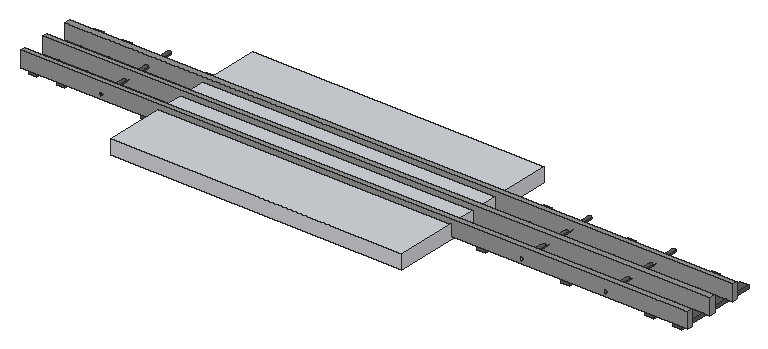
Revit family "1413-3, Veneer", category Generic Models, host Face, Revit 2020
Family settings
  Host = Face
  Can host rebar = No
  Round Connector Dimension = Use Diameter
  Part Type = Normal
  Cut with Voids When Loaded = No
  Shared = No
  Room Calculation Point = No
Parameters
  min_value [instance] = 2' - 4"  # constant formula
  max_value [instance] = 9' - 11 1/4"  # constant formula
  actual_value [instance] = if(NET LENGTH < min_value, min_value, if(NET LENGTH > max_value, max_value, NET LENGTH))  # 7' - 11 1/4"
  NET LENGTH [instance] = 7' - 11 1/4"
  IMPORTANT NOTE!!!                                                                             *Backer & dowel layout is for visualization purposes only, final layout to be determined by 9Wood. [instance] = ""
  Default Elevation = 4' - 0"
  DOWEL RADIUS [instance] = 0' - 0 1/4"  # constant formula
  BACKER & DOWEL MATERIAL [instance] = BLACK-BACKERS
  .. MEMBER WIDTH [instance] = 0' - 0 3/4"  # constant formula
  .. MEMBER MATERIAL [instance] = Veneer Cherry
  .. MEMBER DEPTH [instance] = 0' - 2 1/4"  # constant formula
  .. MEMBER COUNT [instance] = 3  # constant formula
Reference planes (in)
  plane 1 "Center (Front/Back)": y = 0
  plane 2: z = 0
  plane 3 "Center (Left/Right)": x = 0
Forms (in)
  Extrusion 1, solid
    sketch origin (0, 0, 0) x (1, 0, 0) y (0, 1, 0)
      loop
        line (-24.24823, 14.63962) -> (-24.24823, -10.69266) -> (17.36192, -10.69266) -> (17.36192, 14.63962) -> (-24.24823, 14.63962)
    from 0 to 2.0625
Dimensions and locks (in)
  aligned and locked: plane 2 to Extrusion 1
  aligned and locked: nested 1 to plane 2
Nested families (in)
  nested 1: "1400 series" at (-44.01308, -2.1224, -0.06061), NET LENGTH <- "actual_value", .. MEMBER DEPTH <- ".. MEMBER DEPTH", .. MEMBER WIDTH <- ".. MEMBER WIDTH", DOWEL RADIUS <- "DOWEL RADIUS", BACKER & DOWEL MATERIAL <- "BACKER & DOWEL MATERIAL", .. MEMBER MATERIAL <- ".. MEMBER MATERIAL", MEMBER COUNT <- ".. MEMBER COUNT", type "1400 series"
    with X 7' - 8", SCRIM MATERIAL SCRIM, SCRIM LENGTH 8' - 1", SCRIM APPEARANCE yes, SCRIM 2 0' - 0 7/8", SCRIM 1 0' - 0 3/32", OC TYP 1' - 0", NET LENGTH 7' - 11 1/4", N 8, MEMBER COUNT 3, INSET 2 0' - 0 3/16", INSET 0' - 1", HALF MEMBER WIDTH 0' - 0 3/8", END BACKER yes, DOWEL RADIUS 0' - 0 1/4", DOWEL INDEX 0' - 11 5/8", DOWEL COUNT 7, BACKING M COUNT 8, BACKER WIDTH 0' - 1 1/4", BACKER INDEX 0' - 5 5/8", BACKER DEPTH 0' - 0 1/2", BACKER & DOWEL MATERIAL BLACK-BACKERS, BACKER &  DOWEL LENGTH 0' - 11 7/8", .. MEMBER WIDTH 0' - 0 3/4", .. MEMBER OC TYP 0' - 4", .. MEMBER MATERIAL Veneer Cherry, .. MEMBER DEPTH 0' - 2 1/4"
Definition of nested family "1400 series"
  Parameters (values of type "1400 series")
    X [instance] = NET LENGTH - 0' 3 1/4"  # 7' - 2"
    SCRIM MATERIAL [instance] = none
    SCRIM APPEARANCE [instance] = yes
    SCRIM 2 [instance] = 0' - 0 7/8"  # constant formula
    SCRIM 1 [instance] = 0' - 0 3/32"  # constant formula
    OC TYP [instance] = 1' - 0"  # constant formula
    N [instance] = if((X - (rounddown(X / 1' 0") * 1' 0")) > 1' 0", rounddown(X / 1' 0") + 2, rounddown(X / 1' 0") + 1)  # 8
    MEMBER COUNT [instance] = 2
    INSET 5 = 0' - 0 11/16"  # constant formula
    INSET 2 [instance] = 0' - 0 3/16"  # constant formula
    INSET [instance] = 0' - 1"  # constant formula
    END BACKER [instance] = BACKER INDEX > 0' 3 5/8"  # no
    HALF MEMBER WIDTH [instance] = .. MEMBER WIDTH / 2  # 0' - 1 1/8"
    Default Elevation = 0' - 0"
    DOWEL RADIUS [instance] = 0' - 0 1/4"
    DOWEL INDEX [instance] = BACKER INDEX + 0' 6"  # 0' - 8 5/8"
    DOWEL COUNT [instance] = N - 1  # 7
    BACKER WIDTH [instance] = 0' - 1 1/4"  # constant formula
    BACKER INDEX [instance] = (NET LENGTH - ((N - 1) * 1' 0")) / 2  # 0' - 2 5/8"
    BACKER DEPTH [instance] = 0' - 0 1/2"  # constant formula
    BACKING M COUNT [instance] = N  # 8
    BACKER & DOWEL MATERIAL [instance] = none
    BACKER &  DOWEL LENGTH [instance] = 0' - 11 7/8"  # constant formula
    SCRIM LENGTH [instance] = NET LENGTH + (SCRIM 2 * 2)  # 7' - 7"
    .. MEMBER WIDTH [instance] = 0' - 2 1/4"
    .. MEMBER OC TYP [instance] = 1' 0" / MEMBER COUNT  # 0' - 6"
    .. MEMBER MATERIAL [instance] = none
    NET LENGTH [instance] = 7' - 5 1/4"
    .. MEMBER DEPTH [instance] = 0' - 4"
  Reference planes (in)
    plane 1 "Center (Front/Back)": y = 0
    plane 2: z = 0
    plane 3 "Center (Left/Right)": x = 0
    plane 4: x = 89.25
    plane 5: x = 1
    plane 6: x = 88.25
    plane 7: x = 2.625
    plane 8: x = 8.625
    plane 9: x = 14.625
    plane 10: x = 20.625
    plane 11: y = 0.1875
    plane 12: y = 1.125
    plane 13: y = 7.125
    plane 14: y = 12.0625
    plane 15: x = 90.125
    plane 16: x = -0.875
    plane 17: y = 12.15625
    plane 18: y = -0.09375
    plane 19: z = 2.7097
    plane 20: z = 0.56061
    plane 21: z = 1.24811
  Lines and regions (in)
    model lines, not visible
      curve 1: line (8.625, 0, 0.99811) -> (8.625, 0, 1.49811)
      curve 2: line (8.625, 0, 1.49811) -> (8.375, 0, 1.24811)
      curve 3: line (8.375, 0, 1.24811) -> (8.875, 0, 1.24811)
      curve 4: line (20.625, 0, 0.99811) -> (20.625, 0, 1.49811)
      curve 5: line (20.625, 0, 1.49811) -> (20.375, 0, 1.24811)
      curve 6: line (20.375, 0, 1.24811) -> (20.875, 0, 1.24811)
      curve 7: line (32.625, 0, 0.99811) -> (32.625, 0, 1.49811)
      curve 8: line (32.625, 0, 1.49811) -> (32.375, 0, 1.24811)
      curve 9: line (32.375, 0, 1.24811) -> (32.875, 0, 1.24811)
      curve 10: line (44.625, 0, 0.99811) -> (44.625, 0, 1.49811)
      curve 11: line (44.625, 0, 1.49811) -> (44.375, 0, 1.24811)
      curve 12: line (44.375, 0, 1.24811) -> (44.875, 0, 1.24811)
      curve 13: line (56.625, 0, 0.99811) -> (56.625, 0, 1.49811)
      curve 14: line (56.625, 0, 1.49811) -> (56.375, 0, 1.24811)
      curve 15: line (56.375, 0, 1.24811) -> (56.875, 0, 1.24811)
      curve 16: line (68.625, 0, 0.99811) -> (68.625, 0, 1.49811)
      curve 17: line (68.625, 0, 1.49811) -> (68.375, 0, 1.24811)
      curve 18: line (68.375, 0, 1.24811) -> (68.875, 0, 1.24811)
      curve 19: line (80.625, 0, 0.99811) -> (80.625, 0, 1.49811)
      curve 20: line (80.625, 0, 1.49811) -> (80.375, 0, 1.24811)
      curve 21: line (80.375, 0, 1.24811) -> (80.875, 0, 1.24811)
  Dimensions and locks (in)
    "INSET": plane 3 "Center (Left/Right)" to plane 5
    "NET LENGTH": plane 3 "Center (Left/Right)" to plane 4
    "INSET": plane 6 to plane 4
    "BACKER INDEX": plane 3 "Center (Left/Right)" to plane 7
    "DOWEL INDEX": plane 3 "Center (Left/Right)" to plane 8
    "OC TYP": plane 7 to plane 9
    "OC TYP": plane 8 to plane 10
    "INSET 2": plane 1 "Center (Front/Back)" to plane 11
    equal spacing: group 1, group 2, group 5, group 6, group 7, group 13, group 14, group 16  (x3)
    equal spacing: group 3, group 4, group 8, group 9, group 10, group 15, group 17  (x3)
    group 11 to group 12 = 0' - 0"  (x2)
    group 11 to group 12 = 0' - 6"
    ".. MEMBER OC TYP": plane 13 to plane 12
    "HALF MEMBER WIDTH": plane 1 "Center (Front/Back)" to plane 12
    "SCRIM 2": plane 16 to plane 3 "Center (Left/Right)"
    "SCRIM 2": plane 4 to plane 15
    "SCRIM 1": plane 18 to plane 1 "Center (Front/Back)"
    "SCRIM 1": plane 17 to plane 14
    "INSET 5": plane 21 to plane 20
    aligned and locked: level to plane 2
    aligned and locked: plane 7 to nested 2
    aligned and locked: plane 5 to nested 1
    aligned and locked: plane 9 to nested 3
    aligned and locked: nested 1 to plane 5
    aligned and locked: nested 2 to plane 11
    aligned and locked: nested 1 to plane 11
    aligned and locked: nested 3 to plane 11
    aligned and locked: nested 4 to plane 11  (x2)
    aligned and locked: plane 10 to nested 5
    aligned and locked: plane 6 to nested 12
    aligned and locked: nested 5 to plane 11
    aligned and locked: plane 11 to nested 12
    aligned and locked: plane 12 to nested 13
    aligned and locked: nested 14 to plane 13
    aligned and locked: plane 14 to nested 8
    aligned and locked: nested 13 to plane 20
    aligned and locked: plane 21 to nested 4
    aligned and locked: plane 21 to nested 5
    aligned and locked: nested 13 to plane 8
    aligned and locked: plane 10 to nested 13
    aligned and locked: curve 1 to nested 13
    aligned and locked: nested 13 to curve 4
    aligned and locked: plane 20 to nested 1
    aligned and locked: plane 20 to nested 2
    aligned and locked: nested 12 to plane 20
  Automatic sketch dimensions
    curve 3 to curve 1 = 0' - 0 1/4"  (x2)
    curve 1 to curve 3 = 0' - 0 1/4"
    curve 1 to curve 2 = 0' - 0 1/4"
    curve 6 to curve 4 = 0' - 0 1/4"  (x2)
    curve 4 to curve 6 = 0' - 0 1/4"
    curve 4 to curve 5 = 0' - 0 1/4"
    curve 9 to curve 7 = 0' - 0 1/4"  (x2)
    curve 7 to curve 9 = 0' - 0 1/4"
    curve 7 to curve 8 = 0' - 0 1/4"
    curve 12 to curve 10 = 0' - 0 1/4"  (x2)
    curve 10 to curve 12 = 0' - 0 1/4"
    curve 10 to curve 11 = 0' - 0 1/4"
    curve 15 to curve 13 = 0' - 0 1/4"  (x2)
    curve 13 to curve 15 = 0' - 0 1/4"
    curve 13 to curve 14 = 0' - 0 1/4"
    curve 18 to curve 16 = 0' - 0 1/4"  (x2)
    curve 16 to curve 18 = 0' - 0 1/4"
    curve 16 to curve 17 = 0' - 0 1/4"
    curve 21 to curve 19 = 0' - 0 1/4"  (x2)
    curve 19 to curve 21 = 0' - 0 1/4"
    curve 19 to curve 20 = 0' - 0 1/4"
  Nested families (in)
    nested 1: "INSTANCE - 3RD -  EXTEND BOTH SIDES - Parametric Cube.0001" at (1, 0.1875, 0.56061), Length <- "BACKER &  DOWEL LENGTH", Width <- "BACKER WIDTH", Height <- "BACKER DEPTH", Material <- "BACKER & DOWEL MATERIAL", visible <- "END BACKER", type "INSTANCE - 3RD -  EXTEND BOTH SIDES - Parametric Cube.0001"
      with Width 0' - 1 1/4", Material none, Length 0' - 11 7/8", Height 0' - 0 1/2"
    nested 2: "INSTANCE - 2ND -  EXTEND SIDE H CENTER W - Parametric Cube.0001" at (2.625, 0.1875, 0.56061), Width <- "BACKER WIDTH", Length <- "BACKER &  DOWEL LENGTH", Height <- "BACKER DEPTH", Material <- "BACKER & DOWEL MATERIAL", type "INSTANCE - 2ND -  EXTEND SIDE H CENTER W - Parametric Cube.0001"
      with Width 0' - 1 1/4", Material none, Length 0' - 11 7/8", Height 0' - 0 1/2"
    nested 3: "INSTANCE - 2ND -  EXTEND SIDE H CENTER W - Parametric Cube.0001" at (14.625, 0.1875, 0.56061), Width <- "BACKER WIDTH", Length <- "BACKER &  DOWEL LENGTH", Height <- "BACKER DEPTH", Material <- "BACKER & DOWEL MATERIAL", type "INSTANCE - 2ND -  EXTEND SIDE H CENTER W - Parametric Cube.0001"
      with Width 0' - 1 1/4", Material none, Length 0' - 11 7/8", Height 0' - 0 1/2"
    nested 4: "DOWEL" at (-1.375, 0.1875, 1.24811), DOWEL LENGTH <- "BACKER &  DOWEL LENGTH", DOWEL RADII <- "DOWEL RADIUS", BACKING MEM MATERIAL <- "BACKER & DOWEL MATERIAL", type "DOWEL"
      with DOWEL RADII 0' - 0 1/4", DOWEL LENGTH 0' - 11 7/8", BACKING MEM MATERIAL none
    nested 5: "DOWEL" at (10.625, 0.1875, 1.24811), DOWEL LENGTH <- "BACKER &  DOWEL LENGTH", DOWEL RADII <- "DOWEL RADIUS", BACKING MEM MATERIAL <- "BACKER & DOWEL MATERIAL", type "DOWEL"
      with DOWEL RADII 0' - 0 1/4", DOWEL LENGTH 0' - 11 7/8", BACKING MEM MATERIAL none
    nested 6: "INSTANCE - 2ND -  EXTEND SIDE H CENTER W - Parametric Cube.0001" at (26.625, 0.1875, 0.56061), Width <- "BACKER WIDTH", Length <- "BACKER &  DOWEL LENGTH", Height <- "BACKER DEPTH", Material <- "BACKER & DOWEL MATERIAL", type "INSTANCE - 2ND -  EXTEND SIDE H CENTER W - Parametric Cube.0001"
      with Width 0' - 1 1/4", Material none, Length 0' - 11 7/8", Height 0' - 0 1/2"
    nested 7: "INSTANCE - 2ND -  EXTEND SIDE H CENTER W - Parametric Cube.0001" at (38.625, 0.1875, 0.56061), Width <- "BACKER WIDTH", Length <- "BACKER &  DOWEL LENGTH", Height <- "BACKER DEPTH", Material <- "BACKER & DOWEL MATERIAL", type "INSTANCE - 2ND -  EXTEND SIDE H CENTER W - Parametric Cube.0001"
      with Width 0' - 1 1/4", Material none, Length 0' - 11 7/8", Height 0' - 0 1/2"
    nested 8: "INSTANCE - 2ND -  EXTEND SIDE H CENTER W - Parametric Cube.0001" at (50.625, 0.1875, 0.56061), Width <- "BACKER WIDTH", Length <- "BACKER &  DOWEL LENGTH", Height <- "BACKER DEPTH", Material <- "BACKER & DOWEL MATERIAL", type "INSTANCE - 2ND -  EXTEND SIDE H CENTER W - Parametric Cube.0001"
      with Width 0' - 1 1/4", Material none, Length 0' - 11 7/8", Height 0' - 0 1/2"
    nested 9: "DOWEL" at (22.625, 0.1875, 1.24811), DOWEL LENGTH <- "BACKER &  DOWEL LENGTH", DOWEL RADII <- "DOWEL RADIUS", BACKING MEM MATERIAL <- "BACKER & DOWEL MATERIAL", type "DOWEL"
      with DOWEL RADII 0' - 0 1/4", DOWEL LENGTH 0' - 11 7/8", BACKING MEM MATERIAL none
    nested 10: "DOWEL" at (34.625, 0.1875, 1.24811), DOWEL LENGTH <- "BACKER &  DOWEL LENGTH", DOWEL RADII <- "DOWEL RADIUS", BACKING MEM MATERIAL <- "BACKER & DOWEL MATERIAL", type "DOWEL"
      with DOWEL RADII 0' - 0 1/4", DOWEL LENGTH 0' - 11 7/8", BACKING MEM MATERIAL none
    nested 11: "DOWEL" at (46.625, 0.1875, 1.24811), DOWEL LENGTH <- "BACKER &  DOWEL LENGTH", DOWEL RADII <- "DOWEL RADIUS", BACKING MEM MATERIAL <- "BACKER & DOWEL MATERIAL", type "DOWEL"
      with DOWEL RADII 0' - 0 1/4", DOWEL LENGTH 0' - 11 7/8", BACKING MEM MATERIAL none
    nested 12: "INSTANCE - 3RD -  EXTEND BOTH SIDES - Parametric Cube.0001" at (88.25, 0.1875, 0.56061) x (-1, 0, 0) z (0, 0, 1), Width <- "BACKER WIDTH", Length <- "BACKER &  DOWEL LENGTH", Height <- "BACKER DEPTH", Material <- "BACKER & DOWEL MATERIAL", visible <- "END BACKER", type "INSTANCE - 3RD -  EXTEND BOTH SIDES - Parametric Cube.0001"
      with Width 0' - 1 1/4", Material none, Length 0' - 11 7/8", Height 0' - 0 1/2"
    nested 13: "HOLED MEMBER" at (0, -9.75, 8.12965), DOWEL INDEX <- "DOWEL INDEX", .. MEMBER LENGTH <- "NET LENGTH", .. MEMBER WIDTH <- ".. MEMBER WIDTH", DOWEL OC DIST <- "OC TYP", DOWEL RADII <- "DOWEL RADIUS", Material <- ".. MEMBER MATERIAL", DEPTH <- ".. MEMBER DEPTH", DOWEL COUNT <- "DOWEL COUNT", Space <- "INSET 5", type "HOLED MEMBER"
      with Space 0' - 0 11/16", Material none, Height 0' - 10.43096", HALF MEMBER WIDTH 0' - 1 1/8", DOWEL RADII 0' - 0 1/4", DOWEL OC DIST 1' - 0", DOWEL INDEX 0' - 8 5/8", DOWEL COUNT 7, DEPTH 0' - 4", .. MEMBER WIDTH 0' - 2 1/4", .. MEMBER LENGTH 7' - 5 1/4"
    nested 14: "HOLED MEMBER" at (0, -3.75, 8.12965), DOWEL INDEX <- "DOWEL INDEX", .. MEMBER LENGTH <- "NET LENGTH", .. MEMBER WIDTH <- ".. MEMBER WIDTH", DOWEL OC DIST <- "OC TYP", DOWEL RADII <- "DOWEL RADIUS", Material <- ".. MEMBER MATERIAL", DEPTH <- ".. MEMBER DEPTH", DOWEL COUNT <- "DOWEL COUNT", Space <- "INSET 5", type "HOLED MEMBER"
      with Space 0' - 0 11/16", Material none, Height 0' - 10.43096", HALF MEMBER WIDTH 0' - 1 1/8", DOWEL RADII 0' - 0 1/4", DOWEL OC DIST 1' - 0", DOWEL INDEX 0' - 8 5/8", DOWEL COUNT 7, DEPTH 0' - 4", .. MEMBER WIDTH 0' - 2 1/4", .. MEMBER LENGTH 7' - 5 1/4"
    nested 15: "INSTANCE - 2ND -  EXTEND SIDE H CENTER W - Parametric Cube.0001" at (62.625, 0.1875, 0.56061), Width <- "BACKER WIDTH", Length <- "BACKER &  DOWEL LENGTH", Height <- "BACKER DEPTH", Material <- "BACKER & DOWEL MATERIAL", type "INSTANCE - 2ND -  EXTEND SIDE H CENTER W - Parametric Cube.0001"
      with Width 0' - 1 1/4", Material none, Length 0' - 11 7/8", Height 0' - 0 1/2"
    nested 16: "INSTANCE - 2ND -  EXTEND SIDE H CENTER W - Parametric Cube.0001" at (74.625, 0.1875, 0.56061), Width <- "BACKER WIDTH", Length <- "BACKER &  DOWEL LENGTH", Height <- "BACKER DEPTH", Material <- "BACKER & DOWEL MATERIAL", type "INSTANCE - 2ND -  EXTEND SIDE H CENTER W - Parametric Cube.0001"
      with Width 0' - 1 1/4", Material none, Length 0' - 11 7/8", Height 0' - 0 1/2"
    nested 17: "DOWEL" at (58.625, 0.1875, 1.24811), DOWEL LENGTH <- "BACKER &  DOWEL LENGTH", DOWEL RADII <- "DOWEL RADIUS", BACKING MEM MATERIAL <- "BACKER & DOWEL MATERIAL", type "DOWEL"
      with DOWEL RADII 0' - 0 1/4", DOWEL LENGTH 0' - 11 7/8", BACKING MEM MATERIAL none
    nested 18: "INSTANCE - 2ND -  EXTEND SIDE H CENTER W - Parametric Cube.0001" at (86.625, 0.1875, 0.56061), Width <- "BACKER WIDTH", Length <- "BACKER &  DOWEL LENGTH", Height <- "BACKER DEPTH", Material <- "BACKER & DOWEL MATERIAL", type "INSTANCE - 2ND -  EXTEND SIDE H CENTER W - Parametric Cube.0001"
      with Width 0' - 1 1/4", Material none, Length 0' - 11 7/8", Height 0' - 0 1/2"
    nested 19: "DOWEL" at (70.625, 0.1875, 1.24811), DOWEL LENGTH <- "BACKER &  DOWEL LENGTH", DOWEL RADII <- "DOWEL RADIUS", BACKING MEM MATERIAL <- "BACKER & DOWEL MATERIAL", type "DOWEL"
      with DOWEL RADII 0' - 0 1/4", DOWEL LENGTH 0' - 11 7/8", BACKING MEM MATERIAL none
  Definition of nested family "INSTANCE - 3RD -  EXTEND BOTH SIDES - Parametric Cube.0001"
    Parameters (values of type "INSTANCE - 3RD -  EXTEND BOTH SIDES - Parametric Cube.0001")
      Width [instance] = 0' - 6"
      Material [instance] = none
      Length [instance] = 1' - 0"
      Height [instance] = 1' - 6"
      Default Elevation = 0' - 0"
    Reference planes (in)
      plane 1 "Center (Front/Back)": y = 0
      plane 2: z = 0
      plane 3 "Center (Left/Right)": x = 0
      plane 4: x = 6
      plane 5: y = 12
      plane 6: z = -18
    Forms (in)
      Extrusion 1, solid, material <- "Material"
        sketch origin (0, 6, 0) x (1, 0, 0) y (0, 1, 0)
          loop
            line (0, 6) -> (0, -6) -> (6, -6) -> (6, 6) -> (0, 6)
        from -18 to 0
    Dimensions and locks (in)
      "Height": plane 6 to level
      "Length": plane 1 "Center (Front/Back)" to plane 5
      "Width": plane 3 "Center (Left/Right)" to plane 4
      aligned and locked: plane 2 to level
      aligned and locked: Extrusion 1 sketch curve to plane 4
      aligned and locked: Extrusion 1 to plane 6
      aligned and locked: plane 5 to Extrusion 1
      aligned and locked: Extrusion 1 to plane 3 "Center (Left/Right)"
    Automatic sketch dimensions
      plane 1 "Center (Front/Back)" to Extrusion 1 sketch curve = 0' - 0"
      plane 5 to Extrusion 1 sketch curve = 0' - 0"
      Extrusion 1 sketch curve to plane 3 "Center (Left/Right)" = 0' - 0"
  Definition of nested family "INSTANCE - 2ND -  EXTEND SIDE H CENTER W - Parametric Cube.0001"
    Parameters (values of type "INSTANCE - 2ND -  EXTEND SIDE H CENTER W - Parametric Cube.0001")
      Width [instance] = 0' - 6"
      Material [instance] = none
      Length [instance] = 1' - 0"
      Height [instance] = 1' - 6"
      Default Elevation = 0' - 0"
    Reference planes (in)
      plane 1 "Center (Front/Back)": y = 0
      plane 2: z = 0
      plane 3 "Center (Left/Right)": x = 0
      plane 4: x = -3
      plane 5: x = 3
      plane 6: y = 12
      plane 7: z = -18
    Forms (in)
      Extrusion 1, solid, material <- "Material"
        sketch origin (0, 6, 0) x (1, 0, 0) y (0, 1, 0)
          loop
            line (-3, 6) -> (-3, -6) -> (3, -6) -> (3, 6) -> (-3, 6)
        from -18 to 0
    Dimensions and locks (in)
      equal spacing: plane 4, plane 3 "Center (Left/Right)", plane 5
      "Width": plane 4 to plane 5
      "Height": plane 7 to level
      "Length": plane 1 "Center (Front/Back)" to plane 6
      aligned and locked: plane 2 to level
      aligned and locked: plane 4 to Extrusion 1 sketch curve
      aligned and locked: Extrusion 1 sketch curve to plane 5
      aligned and locked: Extrusion 1 to plane 7
      aligned and locked: plane 6 to Extrusion 1
    Automatic sketch dimensions
      plane 1 "Center (Front/Back)" to Extrusion 1 sketch curve = 0' - 0"
      plane 6 to Extrusion 1 sketch curve = 0' - 0"
  Definition of nested family "DOWEL"
    Parameters (values of type "DOWEL")
      Default Elevation = 0' - 0"
      DOWEL RADII [instance] = 0' - 0 5/8"
      DOWEL LENGTH [instance] = 1' - 0"
      BACKING MEM MATERIAL [instance] = none
    Reference planes (in)
      plane 1 "Center (Front/Back)": y = 0
      plane 2: z = 0
      plane 3 "Center (Left/Right)": x = 0
      plane 4: y = 12
    Forms (in)
      Extrusion 1, solid, material <- "BACKING MEM MATERIAL"
        sketch origin (10, 0, 0) x (1, 0, 0) y (0, 0, 1)
          loop
            circle (0, 0) r 0.625
        from 0 to -12
      Extrusion 2, solid, not visible
        sketch origin (0, 0, 0) x (1, 0, 0) y (0, 0, 1)
          loop
            circle (0, 0) r 0.625
        from 0 to 12
      Extrusion 3, solid, not visible
        sketch origin (10, 0, 0) x (1, 0, 0) y (0, 0, 1)
          loop
            circle (0, 0) r 0.625
        from 0 to 2.5
      Extrusion 4, solid, not visible
        sketch origin (10, 0, 0) x (1, 0, 0) y (0, 0, 1)
          loop
            circle (0, 0) r 0.625
        from 0 to -12
    Lines and regions (in)
      model lines, not visible
        curve 1: line (-13, 0, 0) -> (-13, -12, 0)
        curve 2: line (13, 0, 0) -> (13, -12, 0)
        curve 3: line (9.89453, 0, 0) -> (10.08794, 0, 0)
        curve 4: line (9.89453, -2.5, 0) -> (10.08794, -2.5, 0)
        curve 6: line (10, 0, 0) -> (10, 2, 0)
      model lines
        curve 5: line (10, 0, 0) -> (10, 2, 0)
    Dimensions and locks (in)
      "DOWEL LENGTH": plane 1 "Center (Front/Back)" to plane 4
      "DOWEL RADII": radius of Extrusion 1 sketch curve
      "DOWEL RADII": radius of Extrusion 2 sketch curve
      "DOWEL RADII": radius of Extrusion 3 sketch curve
      "DOWEL RADII": radius of Extrusion 4 sketch curve
      "DOWEL RADII": radius of Extrusion 1
      aligned and locked: plane 2 to level
      aligned and locked: Extrusion 1 to plane 1 "Center (Front/Back)"  (x3)
      aligned and locked: plane 1 "Center (Front/Back)" to Extrusion 1
      aligned and locked: plane 4 to Extrusion 1
    Automatic sketch dimensions
      plane 1 "Center (Front/Back)" to curve 5 = 0' - 0"
      curve 5 to plane 1 "Center (Front/Back)" = 0' - 2"
      plane 3 "Center (Left/Right)" to curve 5 = 0' - 10"
      Extrusion 1 sketch curve to level = 0' - 0"
      plane 3 "Center (Left/Right)" to Extrusion 1 sketch curve = 0' - 10"
  Definition of nested family "HOLED MEMBER"
    Parameters (values of type "HOLED MEMBER")
      Space [instance] = 0' - 0 5/8"
      Material [instance] = none
      Height [instance] = 0' - 10.43096"
      HALF MEMBER WIDTH [instance] = .. MEMBER WIDTH / 2  # 0' - 0 5/16"
      Default Elevation = 0' - 0"
      DOWEL RADII [instance] = 0' - 0.34537"
      DOWEL OC DIST [instance] = 1' - 0"
      DOWEL INSET = 0' - 0 5/8"
      DOWEL INDEX [instance] = 0' - 5 5/8"
      DOWEL COUNT [instance] = 6
      DEPTH [instance] = 0' - 2"
      .. MEMBER WIDTH [instance] = 0' - 0 5/8"
      .. MEMBER LENGTH [instance] = 5' - 11 3/4"
    Reference planes (in)
      plane 1 "Center (Front/Back)": y = 12
      plane 2: z = -7.56904
      plane 3 "Center (Left/Right)": x = 0
      plane 4: x = 5.625
      plane 5: x = 17.625
      plane 6: y = 11.375
      plane 7: x = 71.75
      plane 8: y = 11.6875
      plane 9: z = -6.94404
      plane 10: z = -5.56904
    Forms (in)
      Extrusion 1, solid, material <- "Material"
        sketch origin (0, 12, -13.56904) x (1, 0, 0) y (0, 0, 1)
          loop
            line (0, 6) -> (71.75, 6) -> (71.75, 8) -> (0, 8) -> (0, 6)
        from 0.625 to 0
      Extrusion 2, void
        sketch origin (0, 12, -18.31904) x (1, 0, 0) y (0, 0, 1)
          loop
            circle (5.625, 11.375) r 0.34537
        from 0 to 12
      Extrusion 3, void, not visible
        sketch origin (0, 0, 0) x (1, 0, 0) y (0, 1, 0)
          loop
            circle (5.625, 11.375) r 0.34537
        from 0 to 12
      Extrusion 4, void, not visible
        sketch origin (0, 0, 0) x (1, 0, 0) y (0, 1, 0)
          loop
            circle (5.625, 11.375) r 0.34537
        from 0 to 12
      Extrusion 5, void, not visible
        sketch origin (12, 0, 0) x (1, 0, 0) y (0, 1, 0)
          loop
            circle (5.625, 11.375) r 0.34537
        from 0 to 12
      Extrusion 6, void, not visible
        sketch origin (0, 12, -17.56904) x (1, 0, 0) y (0, 0, 1)
          loop
            circle (5.625, 11.375) r 0.34537
        from 0 to 12
      Extrusion 7, void, not visible
        sketch origin (12, 12, -17.56904) x (1, 0, 0) y (0, 0, 1)
          loop
            circle (5.625, 11.375) r 0.34537
        from 0 to 12
      Extrusion 8, void, not visible
        sketch origin (0, 12, -19.56904) x (1, 0, 0) y (0, 0, 1)
          loop
            circle (5.625, 11.375) r 0.34537
        from 0 to 12
      Extrusion 9, void
        sketch origin (12, 12, -18.31904) x (1, 0, 0) y (0, 0, 1)
          loop
            circle (5.625, 11.375) r 0.34537
        from 0 to 12
      Extrusion 10, void
        sketch origin (24, 12, -18.31904) x (1, 0, 0) y (0, 0, 1)
          loop
            circle (5.625, 11.375) r 0.34537
        from 0 to 12
      Extrusion 11, void
        sketch origin (36, 12, -18.31904) x (1, 0, 0) y (0, 0, 1)
          loop
            circle (5.625, 11.375) r 0.34537
        from 0 to 12
      Extrusion 12, void
        sketch origin (48, 12, -18.31904) x (1, 0, 0) y (0, 0, 1)
          loop
            circle (5.625, 11.375) r 0.34537
        from 0 to 12
      Extrusion 13, void
        sketch origin (60, 12, -18.31904) x (1, 0, 0) y (0, 0, 1)
          loop
            circle (5.625, 11.375) r 0.34537
        from 0 to 12
      Extrusion 14, void, not visible
        sketch origin (24, 12, -17.56904) x (1, 0, 0) y (0, 0, 1)
          loop
            circle (5.625, 11.375) r 0.34537
        from 0 to 12
      Extrusion 15, void, not visible
        sketch origin (36, 12, -17.56904) x (1, 0, 0) y (0, 0, 1)
          loop
            circle (5.625, 11.375) r 0.34537
        from 0 to 12
      Extrusion 16, void, not visible
        sketch origin (48, 12, -17.56904) x (1, 0, 0) y (0, 0, 1)
          loop
            circle (5.625, 11.375) r 0.34537
        from 0 to 12
      Extrusion 17, void, not visible
        sketch origin (60, 12, -17.56904) x (1, 0, 0) y (0, 0, 1)
          loop
            circle (5.625, 11.375) r 0.34537
        from 0 to 12
      Extrusion 18, void, not visible
        sketch origin (24, 0, 0) x (1, 0, 0) y (0, 1, 0)
          loop
            circle (5.625, 11.375) r 0.34537
        from 0 to 12
      Extrusion 19, void, not visible
        sketch origin (36, 0, 0) x (1, 0, 0) y (0, 1, 0)
          loop
            circle (5.625, 11.375) r 0.34537
        from 0 to 12
      Extrusion 20, void, not visible
        sketch origin (48, 0, 0) x (1, 0, 0) y (0, 1, 0)
          loop
            circle (5.625, 11.375) r 0.34537
        from 0 to 12
      Extrusion 21, void, not visible
        sketch origin (60, 0, 0) x (1, 0, 0) y (0, 1, 0)
          loop
            circle (5.625, 11.375) r 0.34537
        from 0 to 12
    Cuts and joins
      Extrusion 2, Extrusion 9, Extrusion 10, Extrusion 11, Extrusion 12, Extrusion 13 cuts Extrusion 1
    Lines and regions (in)
      model lines, not visible
        curve 1: line (5.625, 11.72037, 0) -> (5.625, 11.02963, 0)
        curve 2: line (5.625, 11.72037, 0) -> (5.625, 11.02963, 0)
        curve 3: line (17.625, 11.72037, 0) -> (17.625, 11.02963, 0)
        curve 4: line (5.625, 12, -7.56904) -> (5.625, 11.87317, -7.56904)
        curve 5: line (5.625, 11.87317, -7.56904) -> (5.06195, 11.87317, -7.56904)
        curve 6: line (5.06195, 11.87317, -7.56904) -> (5.27963, 11.375, -7.56904)
        curve 7: line (0, 12, -6.19404) -> (0, 11.61951, -6.19404)
        curve 9: line (0, 11.375, -8.19404) -> (0, 11.6747, -8.19404)
        curve 10: line (5.625, 12, -7.56904) -> (5.625, 11.69863, -7.56904)
        curve 11: line (5.625, 12, -7.56904) -> (5.625, 11.69863, -7.56904)
        curve 12: line (5.625, 10.75, 0) -> (5.625, 10.75, 0.30137)
        curve 13: line (5.625, 10.75, 0) -> (5.625, 10.75, 0.30137)
        curve 14: line (17.625, 10.75, 0) -> (17.625, 10.75, 0.30137)
        curve 15: line (5.625, 12, -6.81904) -> (5.625, 11.69863, -6.81904)
        curve 16: line (17.625, 12, -6.81904) -> (17.625, 11.69863, -6.81904)
        curve 17: line (5.625, 12, -8.81904) -> (5.625, 11.69863, -8.81904)
        curve 18: line (17.625, 12, -7.56904) -> (17.625, 11.69863, -7.56904)
        curve 19: line (29.625, 12, -7.56904) -> (29.625, 11.69863, -7.56904)
        curve 20: line (41.625, 12, -7.56904) -> (41.625, 11.69863, -7.56904)
        curve 21: line (53.625, 12, -7.56904) -> (53.625, 11.69863, -7.56904)
        curve 22: line (65.625, 12, -7.56904) -> (65.625, 11.69863, -7.56904)
        curve 23: line (29.625, 12, -6.81904) -> (29.625, 11.69863, -6.81904)
        curve 24: line (41.625, 12, -6.81904) -> (41.625, 11.69863, -6.81904)
        curve 25: line (53.625, 12, -6.81904) -> (53.625, 11.69863, -6.81904)
        curve 26: line (65.625, 12, -6.81904) -> (65.625, 11.69863, -6.81904)
        curve 27: line (29.625, 11.72037, 0) -> (29.625, 11.02963, 0)
        curve 28: line (29.625, 10.75, 0) -> (29.625, 10.75, 0.30137)
        curve 29: line (41.625, 11.72037, 0) -> (41.625, 11.02963, 0)
        curve 30: line (41.625, 10.75, 0) -> (41.625, 10.75, 0.30137)
        curve 31: line (53.625, 11.72037, 0) -> (53.625, 11.02963, 0)
        curve 32: line (53.625, 10.75, 0) -> (53.625, 10.75, 0.30137)
        curve 33: line (65.625, 11.72037, 0) -> (65.625, 11.02963, 0)
        curve 34: line (65.625, 10.75, 0) -> (65.625, 10.75, 0.30137)
        curve 35: line (5.27963, 12, -6.94404) -> (5.97037, 12, -6.94404)
        curve 36: line (5.97037, 12, -6.94404) -> (5.625, 12, -6.59867)
        curve 37: line (5.625, 12, -6.59867) -> (5.625, 12, -7.28941)
        curve 38: line (5.27963, 11.375, 0) -> (5.97037, 11.375, 0)
        curve 39: line (5.97037, 11.375, 0) -> (5.625, 11.72037, 0)
        curve 40: line (5.625, 11.72037, 0) -> (5.625, 11.02963, 0)
        curve 41: line (5.27963, 11.375, 0) -> (5.97037, 11.375, 0)
        curve 42: line (5.97037, 11.375, 0) -> (5.625, 11.72037, 0)
        curve 43: line (5.625, 11.72037, 0) -> (5.625, 11.02963, 0)
        curve 44: line (17.27963, 11.375, 0) -> (17.97037, 11.375, 0)
        curve 45: line (17.97037, 11.375, 0) -> (17.625, 11.72037, 0)
        curve 46: line (17.625, 11.72037, 0) -> (17.625, 11.02963, 0)
        curve 47: line (5.27963, 12, -6.19404) -> (5.97037, 12, -6.19404)
        curve 48: line (5.97037, 12, -6.19404) -> (5.625, 12, -5.84867)
        curve 49: line (5.625, 12, -5.84867) -> (5.625, 12, -6.53941)
        curve 50: line (17.27963, 12, -6.19404) -> (17.97037, 12, -6.19404)
        curve 51: line (17.97037, 12, -6.19404) -> (17.625, 12, -5.84867)
        curve 52: line (17.625, 12, -5.84867) -> (17.625, 12, -6.53941)
        curve 53: line (5.27963, 12, -8.19404) -> (5.97037, 12, -8.19404)
        curve 54: line (5.97037, 12, -8.19404) -> (5.625, 12, -7.84867)
        curve 55: line (5.625, 12, -7.84867) -> (5.625, 12, -8.53941)
        curve 56: line (17.27963, 12, -6.94404) -> (17.97037, 12, -6.94404)
        curve 57: line (17.97037, 12, -6.94404) -> (17.625, 12, -6.59867)
        curve 58: line (17.625, 12, -6.59867) -> (17.625, 12, -7.28941)
        curve 59: line (29.27963, 12, -6.94404) -> (29.97037, 12, -6.94404)
        curve 60: line (29.97037, 12, -6.94404) -> (29.625, 12, -6.59867)
        curve 61: line (29.625, 12, -6.59867) -> (29.625, 12, -7.28941)
        curve 62: line (41.27963, 12, -6.94404) -> (41.97037, 12, -6.94404)
        curve 63: line (41.97037, 12, -6.94404) -> (41.625, 12, -6.59867)
        curve 64: line (41.625, 12, -6.59867) -> (41.625, 12, -7.28941)
        curve 65: line (53.27963, 12, -6.94404) -> (53.97037, 12, -6.94404)
        curve 66: line (53.97037, 12, -6.94404) -> (53.625, 12, -6.59867)
        curve 67: line (53.625, 12, -6.59867) -> (53.625, 12, -7.28941)
        curve 68: line (65.27963, 12, -6.94404) -> (65.97037, 12, -6.94404)
        curve 69: line (65.97037, 12, -6.94404) -> (65.625, 12, -6.59867)
        curve 70: line (65.625, 12, -6.59867) -> (65.625, 12, -7.28941)
        curve 71: line (29.27963, 12, -6.19404) -> (29.97037, 12, -6.19404)
        curve 72: line (29.97037, 12, -6.19404) -> (29.625, 12, -5.84867)
        curve 73: line (29.625, 12, -5.84867) -> (29.625, 12, -6.53941)
        curve 74: line (41.27963, 12, -6.19404) -> (41.97037, 12, -6.19404)
        curve 75: line (41.97037, 12, -6.19404) -> (41.625, 12, -5.84867)
        curve 76: line (41.625, 12, -5.84867) -> (41.625, 12, -6.53941)
        curve 77: line (53.27963, 12, -6.19404) -> (53.97037, 12, -6.19404)
        curve 78: line (53.97037, 12, -6.19404) -> (53.625, 12, -5.84867)
        curve 79: line (53.625, 12, -5.84867) -> (53.625, 12, -6.53941)
        curve 80: line (65.27963, 12, -6.19404) -> (65.97037, 12, -6.19404)
        curve 81: line (65.97037, 12, -6.19404) -> (65.625, 12, -5.84867)
        curve 82: line (65.625, 12, -5.84867) -> (65.625, 12, -6.53941)
        curve 83: line (29.27963, 11.375, 0) -> (29.97037, 11.375, 0)
        curve 84: line (29.97037, 11.375, 0) -> (29.625, 11.72037, 0)
        curve 85: line (29.625, 11.72037, 0) -> (29.625, 11.02963, 0)
        curve 86: line (41.27963, 11.375, 0) -> (41.97037, 11.375, 0)
        curve 87: line (41.97037, 11.375, 0) -> (41.625, 11.72037, 0)
        curve 88: line (41.625, 11.72037, 0) -> (41.625, 11.02963, 0)
        curve 89: line (53.27963, 11.375, 0) -> (53.97037, 11.375, 0)
        curve 90: line (53.97037, 11.375, 0) -> (53.625, 11.72037, 0)
        curve 91: line (53.625, 11.72037, 0) -> (53.625, 11.02963, 0)
        curve 92: line (65.27963, 11.375, 0) -> (65.97037, 11.375, 0)
        curve 93: line (65.97037, 11.375, 0) -> (65.625, 11.72037, 0)
        curve 94: line (65.625, 11.72037, 0) -> (65.625, 11.02963, 0)
      model lines
        curve 8: line (5.625, 12, -7.56904) -> (5.625, 11.69863, -7.56904)
    Dimensions and locks (in)
      "DOWEL INDEX": plane 3 "Center (Left/Right)" to plane 4
      "DOWEL OC DIST": plane 4 to plane 5
      ".. MEMBER LENGTH": plane 3 "Center (Left/Right)" to plane 7
      equal spacing: group 3, group 4, group 21, group 22, group 23, group 24  (x3)
      equal spacing: group 7, group 8, group 17, group 18, group 19, group 20  (x3)
      ".. MEMBER WIDTH": plane 6 to plane 1 "Center (Front/Back)"
      "HALF MEMBER WIDTH": plane 8 to plane 1 "Center (Front/Back)"
      equal spacing: group 1, group 12, group 13, group 14, group 15, group 16  (x2)
      equal spacing: group 16, group 15, group 14, group 13, group 12, group 1
      "DEPTH": plane 10 to level
      "Space": plane 9 to level
      "DOWEL RADII": radius of Extrusion 2 sketch curve
      "DOWEL RADII": radius of Extrusion 3 sketch curve
      "DOWEL RADII": radius of Extrusion 4 sketch curve
      "DOWEL RADII": radius of Extrusion 5 sketch curve
      "DOWEL RADII": radius of Extrusion 6 sketch curve
      "DOWEL RADII": radius of Extrusion 7 sketch curve
      "DOWEL RADII": radius of Extrusion 8 sketch curve
      "DOWEL RADII": radius of Extrusion 9 sketch curve
      "DOWEL RADII": radius of Extrusion 10 sketch curve
      "DOWEL RADII": radius of Extrusion 11 sketch curve
      "DOWEL RADII": radius of Extrusion 12 sketch curve
      "DOWEL RADII": radius of Extrusion 13 sketch curve
      "DOWEL RADII": radius of Extrusion 14 sketch curve
      "DOWEL RADII": radius of Extrusion 15 sketch curve
      "DOWEL RADII": radius of Extrusion 16 sketch curve
      "DOWEL RADII": radius of Extrusion 17 sketch curve
      "DOWEL RADII": radius of Extrusion 18 sketch curve
      "DOWEL RADII": radius of Extrusion 19 sketch curve
      "DOWEL RADII": radius of Extrusion 20 sketch curve
      "DOWEL RADII": radius of Extrusion 21 sketch curve
      aligned and locked: level to plane 2
      aligned and locked: Extrusion 1 to plane 3 "Center (Left/Right)"  (x2)
      aligned and locked: plane 7 to cut or joined group of Extrusion 1, Extrusion 2, Extrusion 9, Extrusion 10, Extrusion 11, Extrusion 12, Extrusion 13  (x2)
      aligned and locked: cut or joined group of Extrusion 1, Extrusion 2, Extrusion 9, Extrusion 10, Extrusion 11, Extrusion 12, Extrusion 13 to plane 1 "Center (Front/Back)"  (x2)
      aligned and locked: cut or joined group of Extrusion 1, Extrusion 2, Extrusion 9, Extrusion 10, Extrusion 11, Extrusion 12, Extrusion 13 to plane 6  (x2)
      aligned and locked: plane 4 to curve 11
      aligned and locked: curve 18 to plane 5
      aligned and locked: plane 4 to group 1
      aligned and locked: group 12 to plane 5
      aligned and locked: curve 35 to plane 9
      aligned and locked: plane 4 to curve 37
      aligned and locked: curve 56 to plane 9
      aligned and locked: curve 58 to plane 5
      aligned and locked: plane 10 to cut or joined group of Extrusion 1, Extrusion 2, Extrusion 9, Extrusion 10, Extrusion 11, Extrusion 12, Extrusion 13  (x2)
      aligned and locked: cut or joined group of Extrusion 1, Extrusion 2, Extrusion 9, Extrusion 10, Extrusion 11, Extrusion 12, Extrusion 13 to level
      aligned and locked: level to cut or joined group of Extrusion 1, Extrusion 2, Extrusion 9, Extrusion 10, Extrusion 11, Extrusion 12, Extrusion 13
    Automatic sketch dimensions
      curve 1 to curve 1 = 0' - 0.69074"
      curve 2 to curve 2 = 0' - 0.69074"
      curve 3 to curve 3 = 0' - 0.69074"
      Extrusion 1 sketch curve to plane 3 "Center (Left/Right)" = 0' - 0"
      Extrusion 1 sketch curve to plane 7 = 0' - 0"
      Extrusion 1 sketch curve to Extrusion 1 sketch curve = 0' - 2"
      Extrusion 1 sketch curve to level = 0' - 0"
      curve 8 to curve 8 = 0' - 0.30137"
      curve 10 to curve 10 = 0' - 0.30137"
      curve 8 to plane 4 = 0' - 0"
      plane 1 "Center (Front/Back)" to curve 8 = 0' - 0"
      plane 1 "Center (Front/Back)" to curve 8 = 0' - 0.30137"
      curve 11 to curve 11 = 0' - 0.30137"
      curve 12 to curve 12 = 0' - 0.30137"
      curve 13 to curve 13 = 0' - 0.30137"
      curve 14 to curve 14 = 0' - 0.30137"
      curve 15 to curve 15 = 0' - 0.30137"
      curve 16 to curve 16 = 0' - 0.30137"
      curve 17 to curve 17 = 0' - 0.30137"
      curve 18 to curve 18 = 0' - 0.30137"
      curve 19 to curve 19 = 0' - 0.30137"
      curve 20 to curve 20 = 0' - 0.30137"
      curve 21 to curve 21 = 0' - 0.30137"
      curve 22 to curve 22 = 0' - 0.30137"
      curve 23 to curve 23 = 0' - 0.30137"
      curve 24 to curve 24 = 0' - 0.30137"
      curve 25 to curve 25 = 0' - 0.30137"
      curve 26 to curve 26 = 0' - 0.30137"
      curve 27 to curve 27 = 0' - 0.69074"
      curve 28 to curve 28 = 0' - 0.30137"
      curve 29 to curve 29 = 0' - 0.69074"
      curve 30 to curve 30 = 0' - 0.30137"
      curve 31 to curve 31 = 0' - 0.69074"
      curve 32 to curve 32 = 0' - 0.30137"
      curve 33 to curve 33 = 0' - 0.69074"
      curve 34 to curve 34 = 0' - 0.30137"
      curve 37 to curve 35 = 0' - 0.34537"  (x2)
      curve 35 to curve 36 = 0' - 0.34537"
      curve 35 to curve 37 = 0' - 0.34537"
      curve 40 to curve 38 = 0' - 0.34537"  (x2)
      curve 38 to curve 39 = 0' - 0.34537"
      curve 38 to curve 40 = 0' - 0.34537"
      curve 43 to curve 41 = 0' - 0.34537"  (x2)
      curve 41 to curve 42 = 0' - 0.34537"
      curve 41 to curve 43 = 0' - 0.34537"
      curve 46 to curve 44 = 0' - 0.34537"  (x2)
      curve 44 to curve 45 = 0' - 0.34537"
      curve 44 to curve 46 = 0' - 0.34537"
      curve 49 to curve 47 = 0' - 0.34537"  (x2)
      curve 47 to curve 48 = 0' - 0.34537"
      curve 47 to curve 49 = 0' - 0.34537"
      curve 52 to curve 50 = 0' - 0.34537"  (x2)
      curve 50 to curve 51 = 0' - 0.34537"
      curve 50 to curve 52 = 0' - 0.34537"
      curve 55 to curve 53 = 0' - 0.34537"  (x2)
      curve 53 to curve 54 = 0' - 0.34537"
      curve 53 to curve 55 = 0' - 0.34537"
      curve 58 to curve 56 = 0' - 0.34537"  (x2)
      curve 56 to curve 57 = 0' - 0.34537"
      curve 56 to curve 58 = 0' - 0.34537"
      curve 61 to curve 59 = 0' - 0.34537"  (x2)
      curve 59 to curve 60 = 0' - 0.34537"
      curve 59 to curve 61 = 0' - 0.34537"
      curve 64 to curve 62 = 0' - 0.34537"  (x2)
      curve 62 to curve 63 = 0' - 0.34537"
      curve 62 to curve 64 = 0' - 0.34537"
      curve 67 to curve 65 = 0' - 0.34537"  (x2)
      curve 65 to curve 66 = 0' - 0.34537"
      curve 65 to curve 67 = 0' - 0.34537"
      curve 70 to curve 68 = 0' - 0.34537"  (x2)
      curve 68 to curve 69 = 0' - 0.34537"
      curve 68 to curve 70 = 0' - 0.34537"
      curve 73 to curve 71 = 0' - 0.34537"  (x2)
      curve 71 to curve 72 = 0' - 0.34537"
      curve 71 to curve 73 = 0' - 0.34537"
      curve 76 to curve 74 = 0' - 0.34537"  (x2)
      curve 74 to curve 75 = 0' - 0.34537"
      curve 74 to curve 76 = 0' - 0.34537"
      curve 79 to curve 77 = 0' - 0.34537"  (x2)
      curve 77 to curve 78 = 0' - 0.34537"
      curve 77 to curve 79 = 0' - 0.34537"
      curve 82 to curve 80 = 0' - 0.34537"  (x2)
      curve 80 to curve 81 = 0' - 0.34537"
      curve 80 to curve 82 = 0' - 0.34537"
      curve 85 to curve 83 = 0' - 0.34537"  (x2)
      curve 83 to curve 84 = 0' - 0.34537"
      curve 83 to curve 85 = 0' - 0.34537"
      curve 88 to curve 86 = 0' - 0.34537"  (x2)
      curve 86 to curve 87 = 0' - 0.34537"
      curve 86 to curve 88 = 0' - 0.34537"
      curve 91 to curve 89 = 0' - 0.34537"  (x2)
      curve 89 to curve 90 = 0' - 0.34537"
      curve 89 to curve 91 = 0' - 0.34537"
      curve 94 to curve 92 = 0' - 0.34537"  (x2)
      curve 92 to curve 93 = 0' - 0.34537"
      curve 92 to curve 94 = 0' - 0.34537"
